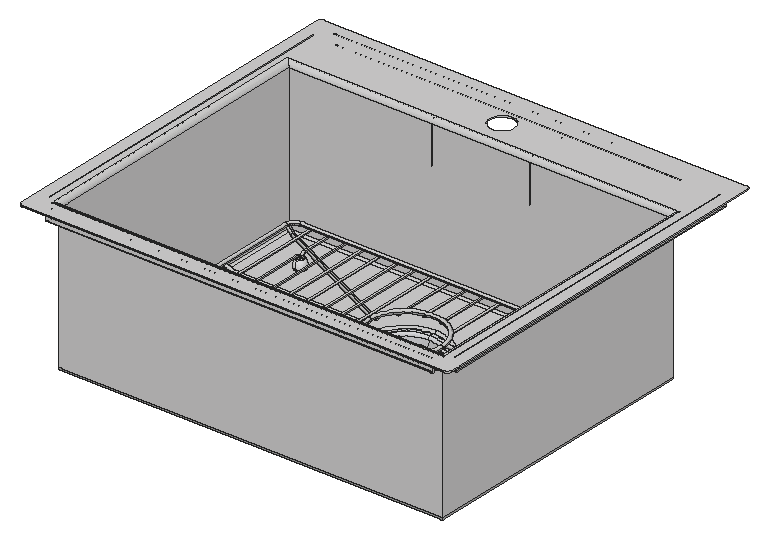
Revit family "Sink-Top_Under_Mount-Kitchen-KOHLER-Vault-K-3822", category Plumbing Fixtures, host Face, Revit 2015
Parameters (values of type "Single Faucet Hole,NA-Stainless Steel")
  Width = 22"  # constant formula
  WaterSense Certified = 1 = 0  # no
  Waste Water Outlet = "Waste Water Outlet"  # constant formula
  Waste Connection = 1 = 1  # yes
  Vent Connection = 1 = 0  # no
  Under_Mount [instance] = yes
  URL = "https://www.us.kohler.com/us/"
  Type = 1
  Three Faucet Hole = Type = 2  # no
  Single Faucet Hole = Type = 1  # yes
  Rim Distance [instance] = if(Under_Mount, 1 1/16", 0")  # 1 1/16"
  Product Page URL = "http://www.us.kohler.com/us/catalog/productDetails.jsp?productNumber=3822-1"
  Product Name = "Vault"  # constant formula
  Product Documentation Link = "https://www.us.kohler.com/webassets/kpna/catalog/pdf/en/K-3822-1_spec.pdf"
  Model = if(Type = 1, "K-3822-1-NA", if(Type = 2, "K-3822-3-NA", if(Type = 3, "K-3822-4-NA", "NA")))  # "K-3822-1-NA"
  Material = "18-Gauge Stainless Steel"  # constant formula
  MasterFormat 2004 = "22.41.16"  # constant formula
  MasterFormat 1995 = "15410"  # constant formula
  Manufacturer Address = "444 Highland Dr, Kohler, WI 53044"  # constant formula
  Manufacturer = "KOHLER Co."  # constant formula
  Length = 25"  # constant formula
  Hot Water Inlet = "Hot Water Inlet"  # constant formula
  Height = 9 5/16"  # constant formula
  HW Connection = 1 = 0  # no
  Fourth Hole Spacing = if(Four Faucet Hole, 9 1/2", 0")  # 0"
  Four Faucet Hole = Type = 3  # no
  Finish = Kohler-Metal-NA-Stainless
  Faucet Hole Spacing = if(or(Four Faucet Hole, Three Faucet Hole), 8", 0")  # 0"
  Environmental Product Declaration = ""
  Drop_In [instance] = not(Under_Mount)  # no
  Drain Included = 1 = 0  # no
  Description = if(Type = 1, "25 inch x 22 inch x 9-5/16 inch top-/under-mount medium single-bowl kitchen sink with single faucet hole", if(Type = 2, "25 inch x 22 inch x 9-5/16 inch top-/under-mount medium single-bowl kitchen sink with 3 faucet holes", if(Type = 3, "25 inch x 22 inch x 9-5/16 inch top-/under-mount medium single-bowl kitchen sink with 4 faucet holes", "NA")))  # "25 inch x 22 inch x 9-5/16 inch top-/under-mount medium single-bowl kitchen sink with single faucet hole"
  Default Elevation = 36"
  Declare Label = ""
  Date Modified = "4/16/2019"  # constant formula
  Date Created = "4/16/2019"  # constant formula
  Copyright = "Copyright KOHLER Co."  # constant formula
  Contact Us = "https://www.us.kohler.com/us/static/contact.jsp"
  Cold Water Inlet = "Cold Water Inlet"  # constant formula
  CW Connection = 1 = 0  # no
  Assembly Code = "D2010400"
  ADA Compliant = 1 = 0  # no
Reference planes
  plane 1 "Center (Front/Back)": y = 0
  plane 2: z = 0
  plane 3 "Center (Left/Right)": x = 0
  plane 4: y = 279.4
  plane 5: x = -317.5
  plane 6: y = 217.487
  plane 7: y = 176.212
  plane 8: y = 38.1
  plane 9: y = -279.4
  plane 10: x = 317.5
  plane 11: x = 0
  plane 12: x = 0
  plane 13: x = 0
  plane 14: z = -25.4
  plane 15: z = -26.988
  plane 16: z = -261.938
  plane 17: z = -329.565
Forms (mm)
  Extrusion 1, void
    sketch origin (0, 0, 0) x (1, 0, 0) y (0, 1, 0)
      loop
        arc (-317.5, -273.05) -> (-315.64, -277.54) -> (-311.15, -279.4) r 6.35
        line (-311.15, -279.4) -> (311.15, -279.4)
        arc (311.15, -279.4) -> (315.64, -277.54) -> (317.5, -273.05) r 6.35
        line (317.5, -273.05) -> (317.5, 273.05)
        arc (317.5, 273.05) -> (315.64, 277.54) -> (311.15, 279.4) r 6.35
        line (311.15, 279.4) -> (-311.15, 279.4)
        arc (-311.15, 279.4) -> (-315.64, 277.54) -> (-317.5, 273.05) r 6.35
        line (-317.5, 273.05) -> (-317.5, -273.05)
    from -329.565 to -25.4
  Extrusion 2, void
    sketch origin (0, 0, 0) x (1, 0, 0) y (0, 1, 0)
      loop
        line (-287.04, 180.677) -> (-287.04, -249.49) -> (287.04, -249.49) -> (287.04, 180.677) -> (-287.04, 180.677)
    from -28.485 to 0
Dimensions and locks
  locked: plane 6 to plane 4 at 61.912
  locked: plane 7 to plane 4 at 103.187
  locked: plane 8 to plane 4 at 241.3
  locked: plane 3 "Center (Left/Right)" to plane 10 at 317.5
  equal spacing: plane 11, plane 3 "Center (Left/Right)", plane 12
  "Faucet Hole Spacing": plane 11 to plane 12
  "Fourth Hole Spacing": plane 3 "Center (Left/Right)" to plane 13
  "Width": plane 4 to plane 9
  "Length": plane 10 to plane 5
  "Rim Distance": level to plane 15
  locked: plane 14 to plane 15 at 1.587
  "Height": plane 14 to plane 16
  locked: plane 16 to plane 17 at 67.627
  aligned and locked: host face to plane 2
  aligned and locked: host face to level
  aligned and locked: plane 14 to nested 1
  aligned and locked: plane 15 to nested 1
  aligned and locked: plane 16 to nested 1
  aligned and locked: plane 17 to nested 1
  aligned and locked: Extrusion 1 to nested 1  (x2)
  aligned and locked: level to Extrusion 2
Automatic sketch dimensions
  host sketch curve to host sketch curve = 96"  (x2)
  Extrusion 1 sketch curve to plane 5 = 0"
  plane 4 to Extrusion 1 sketch curve = 0"
  Extrusion 1 sketch curve to plane 9 = 0"
  Extrusion 1 sketch curve to plane 10 = 0"
  plane 5 to Extrusion 1 sketch curve = 1/4"  (x2)
  plane 10 to Extrusion 1 sketch curve = 1/4"
  plane 4 to Extrusion 1 sketch curve = 1/4"
  plane 5 to Extrusion 2 sketch curve = 1 51/256"
  plane 10 to Extrusion 2 sketch curve = 1 51/256"
  plane 9 to Extrusion 2 sketch curve = 1.17755"
  Extrusion 2 sketch curve to plane 7 = 45/256"
Nested families
  nested 1: "K-3822" at (0, 38.1, -261.938), type "K-3822"
Connectors
  piping at (0, 38.1, -329.565), diameter 38.1, driven by "Waste Connection", driven by "Waste Water Outlet"
    settings: on nested 1, index 1, connector inside diameter 24", connector length 0", flow factor 0, pipe flow 0 GPM, pressure drop 0.00 psi, fitting loss kfactor 0, connector angle 0.00°, fixture units 0, engagement length 0", angle of deflection 0.00°, flow configuration 0, flow direction 2, fitting loss method 0, system type 16, joint type 0, gender type 0, connector reference index -1, connector utility 1, adjustable connector no, is connector primary yes, connector description "Waste Water Outlet"
Definition of nested family "K-3822"
  Parameters (values of type "K-3822")
    Three Faucet Hole = no
    Material = none
    Four Faucet Hole = yes
    Dist2 = if(or(Four Faucet Hole, Three Faucet Hole), 0", 4 1/4")  # 0"
    Dist1 = if(Four Faucet Hole, 0", 4 1/4")  # 0"
  Reference planes
    plane 1 "Center (Front/Back)": y = 0
    plane 2: z = 0
    plane 3 "Center (Left/Right)": x = 0
    plane 4: x = 317.5
    plane 5: y = 241.3
    plane 6: y = -317.5
    plane 7: x = -317.5
    plane 8: y = 138.112
    plane 9: y = 179.387
    plane 10: z = 236.538
    plane 11: y = 179.387
    plane 12: y = 179.387
    plane 13: y = -38.1
    plane 14: z = -67.627
    plane 15: z = 234.95
  Forms (mm)
    Sweep 1, solid, material <- "Material", detail levels medium+fine
      path origin (0, 0, 0) x (1, 0, 0) y (0, 1, 0)
        loop
          line (-282.575, 138.112) -> (-282.575, -283.083) -> (282.575, -283.083) -> (282.575, 138.112) -> (-282.575, 138.112)
      profile origin (0, 138.112, 0) x (0, 1, 0) y (0, 0, 1)
        loop
          line (1.219, 17.424) -> (1.219, 228.935)
          arc (1.219, 228.935) -> (2.981, 233.188) -> (7.234, 234.95) r 6.015
          line (7.234, 234.95) -> (11.435, 234.95) -> (11.435, 236.538) -> (7.391, 236.538)
          arc (7.391, 236.538) -> (2.165, 234.373) -> (0, 229.146) r 7.391
          line (0, 229.146) -> (0, 17.539)
          arc (0, 17.539) -> (-0.905, 15.355) -> (-3.089, 14.45) r 3.089
          line (-3.089, 14.45) -> (-11.672, 14.45) -> (-11.672, 13.232) -> (-2.972, 13.232)
          arc (-2.972, 13.232) -> (-0.008, 14.46) -> (1.219, 17.424) r 4.191
    Extrusion 2, solid, material <- "Material", detail levels medium+fine
      sketch origin (0, 0, 0) x (1, 0, 0) y (0, 1, 0)
        loop
          arc (-311.15, 241.3) -> (-315.64, 239.44) -> (-317.5, 234.95) r 6.35
          line (-317.5, 234.95) -> (-317.5, -311.15)
          arc (-317.5, -311.15) -> (-315.64, -315.64) -> (-311.15, -317.5) r 6.35
          line (-311.15, -317.5) -> (311.15, -317.5)
          arc (311.15, -317.5) -> (315.64, -315.64) -> (317.5, -311.15) r 6.35
          line (317.5, -311.15) -> (317.5, 234.95)
          arc (317.5, 234.95) -> (315.64, 239.44) -> (311.15, 241.3) r 6.35
          line (311.15, 241.3) -> (-311.15, 241.3)
        loop
          line (294.01, 149.547) -> (-294.01, 149.547) -> (-294.01, -294.518) -> (294.01, -294.518) -> (294.01, 149.547)
      from 234.95 to 236.538
    Extrusion 3, solid, material <- "Material", detail levels medium+fine
      sketch origin (0, 0, 0) x (1, 0, 0) y (0, 1, 0)
        loop
          line (-270.903, -271.411) -> (270.903, -271.411) -> (270.903, 126.44) -> (-270.903, 126.44) -> (-270.903, -271.411)
      from 13.232 to 14.45
    Blend 4, solid, material <- "Material", detail levels medium+fine
      base sketch origin (0, 0, 0) x (1, 0, 0) y (0, 1, 0)
        loop
          arc (-44.984, 40.55) -> (-59.869, -9.139) -> (-30.837, -52.124) r 60.563
          arc (-30.837, -52.124) -> (0, -60.563) -> (30.837, -52.124) r 60.563
          arc (30.837, -52.124) -> (59.869, -9.139) -> (44.984, 40.55) r 60.563
          arc (44.984, 40.55) -> (0, 60.563) -> (-44.984, 40.55) r 60.563
      top sketch origin (0, 0, 0) x (1, 0, 0) y (0, 1, 0)
        loop
          line (-270.903, -271.411) -> (270.903, -271.411) -> (270.903, 126.44) -> (-270.903, 126.44) -> (-270.903, -271.411)
      from 6.414 to 13.232
    Revolve 5, void
      sketch origin (0, 0, 0) x (0, 1, 0) y (0, 0, 1)
        loop
          line (0, 14.45) -> (0, -3.112) -> (44.376, -3.112)
          arc (44.376, -3.112) -> (48.249, 9.176) -> (60.003, 14.45) r 15.734
          line (60.003, 14.45) -> (0, 14.45)
        axis (0, 14.45) -> (0, -3.112)
      angle from 0 to 360
    Sweep 6, solid, material <- "Material", detail levels medium+fine
      path origin (0, 0, 0) x (1, 0, 0) y (0, 1, 0)
        loop
          line (-264.815, 113.769) -> (-264.815, -259.86)
          arc (-264.815, -259.86) -> (-261.734, -267.297) -> (-254.298, -270.377) r 10.517
          line (-254.298, -270.377) -> (254.298, -270.377)
          arc (254.298, -270.377) -> (261.734, -267.297) -> (264.815, -259.86) r 10.517
          line (264.815, -259.86) -> (264.815, 113.81)
          arc (264.815, 113.81) -> (261.734, 121.247) -> (254.298, 124.327) r 10.517
          line (254.298, 124.327) -> (-254.257, 124.327)
          arc (-254.257, 124.327) -> (-261.722, 121.235) -> (-264.815, 113.769) r 10.558
      profile origin (-264.815, -73.046, 0) x (1, 0, 0) y (0, 0, 1)
        loop
          circle (-2.633, 37.406) r 2.381
    Sweep 7, solid, material <- "Material", detail levels medium+fine
      path origin (2.158, -222.853, 0) x (1, 0, 0) y (0, 0, 1)
        loop
          line (-56.06, 34.407) -> (-71.663, 29.933) -> (-253.035, 29.933) -> (-268.638, 34.407)
      profile origin (-160.191, -222.853, 29.933) x (0, 0, -1) y (0, -1, 0)
        loop
          circle (0.029, -222.988) r 2.469
    Sweep 8, solid, material <- "Material", detail levels medium+fine
      path origin (-2.158, -222.853, 0) x (-1, 0, 0) y (0, 0, -1)
        loop
          line (-56.06, -34.407) -> (-71.663, -29.933) -> (-253.035, -29.933) -> (-268.638, -34.407)
      profile origin (160.191, -222.853, 29.933) x (0, 0, 1) y (0, -1, 0)
        loop
          circle (-0.029, -222.988) r 2.469
    Sweep 9, solid, material <- "Material", detail levels medium+fine
      path origin (136.621, -173.678, 0) x (0.694658, 0.71934, 0) y (0, 0, 1)
        loop
          line (-22.723, 34.407) -> (-38.326, 29.933) -> (-330.029, 29.933) -> (-345.632, 34.407)
      profile origin (8.681, -306.164, 29.933) x (0, 0, -1) y (0.71934, -0.694658, 0)
        loop
          circle (0.029, -222.988) r 2.469
    Sweep 10, solid, material <- "Material", detail levels medium+fine
      path origin (0, 0, 0) x (1, 0, 0) y (0, 1, 0)
        loop
          circle (0, 0) r 50.8
      profile origin (0, 50.8, 0) x (0, -1, 0) y (0, 0, 1)
        loop
          circle (-2.375, 37.408) r 2.372
    Sweep 11, solid, material <- "Material", detail levels medium+fine
      path origin (-136.621, -173.678, 0) x (-0.694658, 0.71934, 0) y (0, 0, -1)
        loop
          line (-22.723, -34.407) -> (-38.326, -29.933) -> (-330.029, -29.933) -> (-345.632, -34.407)
      profile origin (-8.681, -306.164, 29.933) x (0, 0, 1) y (-0.71934, -0.694658, 0)
        loop
          circle (-0.029, -222.988) r 2.469
    Sweep 12, solid, material <- "Material", detail levels medium+fine
      path origin (-117.376, -203.629, 0) x (0.898794, -0.438371, 0) y (0, 0, 1)
        loop
          line (-35.423, 34.407) -> (-51.026, 29.933) -> (-260.179, 29.933) -> (-275.782, 34.407)
      profile origin (-257.231, -135.417, 29.933) x (0, 0, -1) y (-0.438371, -0.898794, 0)
        loop
          circle (0.029, -222.988) r 2.469
    Extrusion 13, solid, material <- "Material", detail levels medium+fine
      sketch origin (0, 0, 0) x (1, 0, 0) y (0, 0, 1)
        loop
          circle (-241.183, 33.671) r 1.338
        loop
          circle (-190.383, 33.671) r 1.338
        loop
          circle (-164.983, 33.671) r 1.338
        loop
          circle (-139.583, 33.671) r 1.338
        loop
          circle (-114.183, 33.671) r 1.338
        loop
          circle (-88.783, 33.671) r 1.338
        loop
          circle (-63.441, 33.671) r 1.338
        loop
          circle (-12.666, 33.671) r 1.338
        loop
          circle (-38.054, 33.671) r 1.338
        loop
          circle (241.183, 33.671) r 1.338
        loop
          circle (190.383, 33.671) r 1.338
        loop
          circle (164.983, 33.671) r 1.338
        loop
          circle (139.583, 33.671) r 1.338
        loop
          circle (114.183, 33.671) r 1.338
        loop
          circle (88.783, 33.671) r 1.338
        loop
          circle (63.441, 33.671) r 1.338
        loop
          circle (12.666, 33.671) r 1.338
        loop
          circle (38.054, 33.671) r 1.338
      from -127.243 to 273.456
    Sweep 14, solid, material <- "Material", detail levels medium+fine
      path origin (0, 0, 0) x (0, 1, 0) y (0, 0, 1)
        loop
          line (-273.05, 33.723) -> (-243.517, 33.723)
          arc (-243.517, 33.723) -> (-241.687, 32.965) -> (-240.929, 31.135) r 2.588
          line (-240.929, 31.135) -> (-240.929, 20.405)
          arc (-240.929, 20.405) -> (-237.373, 16.849) -> (-233.817, 20.405) r 3.556
          line (-233.817, 20.405) -> (-233.817, 31.143)
          arc (-233.817, 31.143) -> (-233.061, 32.967) -> (-231.237, 33.723) r 2.58
          line (-231.237, 33.723) -> (70.572, 33.723)
          arc (70.572, 33.723) -> (72.396, 32.967) -> (73.152, 31.143) r 2.58
          line (73.152, 31.143) -> (73.152, 20.405)
          arc (73.152, 20.405) -> (76.708, 16.849) -> (80.264, 20.405) r 3.556
          line (80.264, 20.405) -> (80.264, 31.135)
          arc (80.264, 31.135) -> (81.022, 32.965) -> (82.852, 33.723) r 2.588
          line (82.852, 33.723) -> (125.6, 33.723)
      profile origin (0, 104.226, 33.723) x (0, 0, 1) y (1, 0, 0)
        loop
          circle (-0.051, 215.783) r 1.338
    Sweep 15, solid, material <- "Material", detail levels medium+fine
      path origin (0, 0, 0) x (0, 1, 0) y (0, 0, -1)
        loop
          line (-273.05, -33.723) -> (-243.458, -33.723)
          arc (-243.458, -33.723) -> (-241.628, -32.965) -> (-240.87, -31.135) r 2.588
          line (-240.87, -31.135) -> (-240.87, -20.405)
          arc (-240.87, -20.405) -> (-237.314, -16.849) -> (-233.758, -20.405) r 3.556
          line (-233.758, -20.405) -> (-233.758, -31.143)
          arc (-233.758, -31.143) -> (-233.002, -32.967) -> (-231.178, -33.723) r 2.58
          line (-231.178, -33.723) -> (70.572, -33.723)
          arc (70.572, -33.723) -> (72.396, -32.967) -> (73.152, -31.143) r 2.58
          line (73.152, -31.143) -> (73.152, -20.405)
          arc (73.152, -20.405) -> (76.708, -16.849) -> (80.264, -20.405) r 3.556
          line (80.264, -20.405) -> (80.264, -31.135)
          arc (80.264, -31.135) -> (81.022, -32.965) -> (82.852, -33.723) r 2.588
          line (82.852, -33.723) -> (125.6, -33.723)
      profile origin (0, 104.226, 33.723) x (0, 0, -1) y (-1, 0, 0)
        loop
          circle (0.051, 215.783) r 1.338
    Extrusion 16, void
      sketch origin (0, 0, 0) x (1, 0, 0) y (0, 1, 0)
        loop
          circle (0, 0) r 52.303
      from 0 to 304.8
    Revolve 17, solid, detail levels medium+fine
      sketch origin (-215.9, 23.813, 0) x (0, 1, 0) y (0, 0, 1)
        loop
          line (-261.118, 27.515) -> (-261.118, 14.458) -> (-253.703, 14.458)
          arc (-253.703, 14.458) -> (-253.15, 14.666) -> (-252.873, 15.188) r 0.837
          arc (-252.873, 15.188) -> (-253.037, 21.303) -> (-255.049, 27.079) r 19.923
          arc (-255.049, 27.079) -> (-255.351, 27.397) -> (-255.774, 27.515) r 0.822
          line (-255.774, 27.515) -> (-261.118, 27.515)
        axis (-261.118, 27.515) -> (-261.118, 14.458)
      angle from 0 to 360
    Revolve 18, solid, detail levels medium+fine
      sketch origin (215.9, 23.813, 0) x (0, 1, 0) y (0, 0, -1)
        loop
          line (-261.118, -27.515) -> (-255.774, -27.515)
          arc (-255.774, -27.515) -> (-255.351, -27.397) -> (-255.049, -27.079) r 0.822
          arc (-255.049, -27.079) -> (-253.037, -21.303) -> (-252.873, -15.188) r 19.923
          arc (-252.873, -15.188) -> (-253.15, -14.666) -> (-253.703, -14.458) r 0.837
          line (-253.703, -14.458) -> (-261.118, -14.458) -> (-261.118, -27.515)
        axis (-261.118, -27.515) -> (-261.118, -14.458)
      angle from 0 to 360
    Revolve 19, solid, detail levels medium+fine
      sketch origin (-215.9, 337.823, 0) x (0, 1, 0) y (0, 0, 1)
        loop
          line (-261.118, 27.515) -> (-261.118, 14.458) -> (-253.703, 14.458)
          arc (-253.703, 14.458) -> (-253.15, 14.666) -> (-252.873, 15.188) r 0.837
          arc (-252.873, 15.188) -> (-253.037, 21.303) -> (-255.049, 27.079) r 19.923
          arc (-255.049, 27.079) -> (-255.351, 27.397) -> (-255.774, 27.515) r 0.822
          line (-255.774, 27.515) -> (-261.118, 27.515)
        axis (-261.118, 27.515) -> (-261.118, 14.458)
      angle from 0 to 360
    Revolve 20, solid, detail levels medium+fine
      sketch origin (215.9, 337.823, 0) x (0, 1, 0) y (0, 0, -1)
        loop
          line (-261.118, -27.515) -> (-255.774, -27.515)
          arc (-255.774, -27.515) -> (-255.351, -27.397) -> (-255.049, -27.079) r 0.822
          arc (-255.049, -27.079) -> (-253.037, -21.303) -> (-252.873, -15.188) r 19.923
          arc (-252.873, -15.188) -> (-253.15, -14.666) -> (-253.703, -14.458) r 0.837
          line (-253.703, -14.458) -> (-261.118, -14.458) -> (-261.118, -27.515)
        axis (-261.118, -27.515) -> (-261.118, -14.458)
      angle from 0 to 360
    Revolve 21, solid, detail levels medium+fine
      sketch origin (0, 0, 7.094) x (0, 1, 0) y (0, 0, 1)
        loop
          arc (47.525, 6.413) -> (44.767, 5.313) -> (43.524, 2.617) r 4.006
          line (43.524, 2.617) -> (43.029, -6.831)
          arc (43.029, -6.831) -> (42.287, -8.44) -> (40.642, -9.096) r 2.391
          line (40.642, -9.096) -> (3.683, -9.096) -> (3.683, 6.413) -> (6.605, 6.413)
          arc (6.605, 6.413) -> (7.859, 7.465) -> (7.043, 8.883) r 1.274
          arc (7.043, 8.883) -> (3.577, 9.827) -> (0, 10.168) r 21.073
          line (0, 10.168) -> (0, -9.858) -> (40.655, -9.858)
          arc (40.655, -9.858) -> (42.844, -8.985) -> (43.831, -6.844) r 3.181
          line (43.831, -6.844) -> (44.334, 2.756)
          arc (44.334, 2.756) -> (45.276, 4.799) -> (47.366, 5.633) r 3.036
          line (47.366, 5.633) -> (52.844, 5.633)
          arc (52.844, 5.633) -> (53.234, 6.023) -> (52.844, 6.413) r 0.39
          line (52.844, 6.413) -> (47.525, 6.413)
        axis (0, 10.168) -> (0, -9.858)
      angle from 0 to 360
    Revolve 22, solid, material <- "Material", detail levels medium+fine
      sketch origin (0, 0, 0) x (0, 1, 0) y (0, 0, 1)
        loop
          line (27.384, -67.628) -> (30.331, -67.628)
          arc (30.331, -67.628) -> (31.238, -67.384) -> (31.902, -66.72) r 1.814
          line (31.902, -66.72) -> (33.281, -64.332)
          arc (33.281, -64.332) -> (33.619, -63.516) -> (33.734, -62.64) r 3.384
          line (33.734, -62.64) -> (33.734, -38.651)
          arc (33.734, -38.651) -> (34.625, -36.501) -> (36.775, -35.61) r 3.041
          line (36.775, -35.61) -> (58.633, -35.61)
          arc (58.633, -35.61) -> (59.998, -35.045) -> (60.563, -33.68) r 1.93
          line (60.563, -33.68) -> (60.563, 6.413) -> (50.792, 6.413) -> (50.792, -29.647) -> (27.384, -29.647) -> (27.384, -67.628)
        axis (0, 6.413) -> (0, -67.628)
      angle from 0 to 360
    Extrusion 23, void
      sketch origin (0, 0, 0) x (1, 0, 0) y (0, 1, 0)
        loop
          circle (-32.539, 0) r 2.411
        loop
          circle (-31.705, 7.245) r 2.411
        loop
          circle (-29.345, 14.165) r 2.411
        loop
          circle (-25.42, 20.312) r 2.411
        loop
          circle (-20.312, 25.421) r 2.411
        loop
          circle (-14.132, 29.292) r 2.411
        loop
          circle (-7.252, 31.768) r 2.411
        loop
          circle (0, 32.538) r 2.411
        loop
          circle (-24.223, 0) r 2.411
        loop
          circle (-23.06, 7.491) r 2.411
        loop
          circle (-19.589, 14.195) r 2.411
        loop
          circle (-14.241, 19.605) r 2.411
        loop
          circle (-7.506, 22.997) r 2.411
        loop
          circle (0, 24.231) r 2.411
        loop
          circle (-31.705, -7.245) r 2.411
        loop
          circle (-29.345, -14.165) r 2.411
        loop
          circle (-25.42, -20.312) r 2.411
        loop
          circle (-20.312, -25.421) r 2.411
        loop
          circle (-14.132, -29.292) r 2.411
        loop
          circle (-7.252, -31.768) r 2.411
        loop
          circle (-23.06, -7.491) r 2.411
        loop
          circle (-19.589, -14.195) r 2.411
        loop
          circle (-14.241, -19.605) r 2.411
        loop
          circle (-7.506, -22.997) r 2.411
        loop
          circle (32.539, 0) r 2.411
        loop
          circle (31.705, 7.245) r 2.411
        loop
          circle (29.345, 14.165) r 2.411
        loop
          circle (25.42, 20.312) r 2.411
        loop
          circle (20.312, 25.421) r 2.411
        loop
          circle (14.132, 29.292) r 2.411
        loop
          circle (7.252, 31.768) r 2.411
        loop
          circle (24.223, 0) r 2.411
        loop
          circle (23.06, 7.491) r 2.411
        loop
          circle (19.589, 14.195) r 2.411
        loop
          circle (14.241, 19.605) r 2.411
        loop
          circle (7.506, 22.997) r 2.411
        loop
          circle (31.705, -7.245) r 2.411
        loop
          circle (29.345, -14.165) r 2.411
        loop
          circle (25.42, -20.312) r 2.411
        loop
          circle (20.312, -25.421) r 2.411
        loop
          circle (14.132, -29.292) r 2.411
        loop
          circle (7.252, -31.768) r 2.411
        loop
          circle (23.06, -7.491) r 2.411
        loop
          circle (19.589, -14.195) r 2.411
        loop
          circle (14.241, -19.605) r 2.411
        loop
          circle (7.506, -22.997) r 2.411
        loop
          circle (0, -32.538) r 2.411
        loop
          circle (0, -24.231) r 2.411
      from -9.403 to 304.8
    Extrusion 24, void
      sketch origin (0, 0, 0) x (1, 0, 0) y (0, 1, 0)
        loop
          circle (0, 179.387) r 18.256
      from 206.138 to 240.19
    Extrusion 25, void
      sketch origin (0, 0, 0) x (1, 0, 0) y (0, 1, 0)
        loop
          circle (101.6, 179.387) r 18.256
        loop
          circle (-101.6, 179.387) r 18.256
        loop
          circle (241.3, 179.387) r 18.256
      from 206.138 to 240.19
    Extrusion 26, solid, material <- "Material", detail levels medium+fine
      sketch origin (0, 0, 0) x (0, 1, 0) y (0, 0, 1)
        loop
          line (222.414, 234.188) -> (225.513, 234.188)
          arc (225.513, 234.188) -> (225.962, 234.068) -> (226.29, 233.739) r 0.897
          line (226.29, 233.739) -> (228.393, 230.088)
          arc (228.393, 230.088) -> (228.547, 229.714) -> (228.6, 229.313) r 1.552
          line (228.6, 229.313) -> (228.6, 221.131)
          arc (228.6, 221.131) -> (227.933, 220.464) -> (227.266, 221.131) r 0.667
          line (227.266, 221.131) -> (227.266, 225.171) -> (226.484, 225.171) -> (226.484, 221.128)
          arc (226.484, 221.128) -> (227.923, 219.689) -> (229.362, 221.128) r 1.439
          line (229.362, 221.128) -> (229.362, 229.498)
          arc (229.362, 229.498) -> (229.307, 229.917) -> (229.145, 230.308) r 1.624
          line (229.145, 230.308) -> (226.851, 234.292)
          arc (226.851, 234.292) -> (226.37, 234.774) -> (225.712, 234.95) r 1.314
          line (225.712, 234.95) -> (222.191, 234.95)
          arc (222.191, 234.95) -> (221.556, 234.78) -> (221.091, 234.314) r 1.269
          line (221.091, 234.314) -> (218.779, 230.3)
          arc (218.779, 230.3) -> (218.621, 229.918) -> (218.567, 229.507) r 1.588
          line (218.567, 229.507) -> (218.567, 221.154)
          arc (218.567, 221.154) -> (220.012, 219.709) -> (221.456, 221.154) r 1.445
          line (221.456, 221.154) -> (221.456, 225.171) -> (220.662, 225.171) -> (220.662, 221.152)
          arc (220.662, 221.152) -> (219.996, 220.486) -> (219.329, 221.152) r 0.667
          line (219.329, 221.152) -> (219.329, 229.322)
          arc (219.329, 229.322) -> (219.381, 229.714) -> (219.532, 230.08) r 1.518
          line (219.532, 230.08) -> (221.64, 233.741)
          arc (221.64, 233.741) -> (221.967, 234.068) -> (222.414, 234.188) r 0.893
        loop
          arc (-299.63, 234.188) -> (-299.183, 234.068) -> (-298.856, 233.741) r 0.893
          line (-298.856, 233.741) -> (-296.748, 230.08)
          arc (-296.748, 230.08) -> (-296.597, 229.714) -> (-296.545, 229.322) r 1.518
          line (-296.545, 229.322) -> (-296.545, 221.152)
          arc (-296.545, 221.152) -> (-297.212, 220.486) -> (-297.879, 221.152) r 0.667
          line (-297.879, 221.152) -> (-297.879, 225.171) -> (-298.672, 225.171) -> (-298.672, 221.154)
          arc (-298.672, 221.154) -> (-297.228, 219.709) -> (-295.783, 221.154) r 1.445
          line (-295.783, 221.154) -> (-295.783, 229.507)
          arc (-295.783, 229.507) -> (-295.837, 229.918) -> (-295.995, 230.3) r 1.588
          line (-295.995, 230.3) -> (-298.307, 234.314)
          arc (-298.307, 234.314) -> (-298.772, 234.78) -> (-299.407, 234.95) r 1.269
          line (-299.407, 234.95) -> (-302.928, 234.95)
          arc (-302.928, 234.95) -> (-303.586, 234.774) -> (-304.067, 234.292) r 1.314
          line (-304.067, 234.292) -> (-306.361, 230.308)
          arc (-306.361, 230.308) -> (-306.523, 229.917) -> (-306.578, 229.498) r 1.624
          line (-306.578, 229.498) -> (-306.578, 221.128)
          arc (-306.578, 221.128) -> (-305.139, 219.689) -> (-303.7, 221.128) r 1.439
          line (-303.7, 221.128) -> (-303.7, 225.171) -> (-304.483, 225.171) -> (-304.483, 221.131)
          arc (-304.483, 221.131) -> (-305.149, 220.464) -> (-305.816, 221.131) r 0.667
          line (-305.816, 221.131) -> (-305.816, 229.313)
          arc (-305.816, 229.313) -> (-305.763, 229.714) -> (-305.609, 230.088) r 1.552
          line (-305.609, 230.088) -> (-303.506, 233.739)
          arc (-303.506, 233.739) -> (-303.178, 234.068) -> (-302.729, 234.188) r 0.897
          line (-302.729, 234.188) -> (-299.63, 234.188)
      from 285.75 to -285.75
    Extrusion 27, solid, material <- "Material", detail levels medium+fine
      sketch origin (0, 0, 0) x (1, 0, 0) y (0, 0, 1)
        loop
          line (299.122, 234.188) -> (302.221, 234.188)
          arc (302.221, 234.188) -> (302.67, 234.068) -> (302.998, 233.739) r 0.897
          line (302.998, 233.739) -> (305.101, 230.088)
          arc (305.101, 230.088) -> (305.255, 229.714) -> (305.308, 229.313) r 1.552
          line (305.308, 229.313) -> (305.308, 221.131)
          arc (305.308, 221.131) -> (304.641, 220.464) -> (303.974, 221.131) r 0.667
          line (303.974, 221.131) -> (303.974, 225.171) -> (303.192, 225.171) -> (303.192, 221.128)
          arc (303.192, 221.128) -> (304.631, 219.689) -> (306.07, 221.128) r 1.439
          line (306.07, 221.128) -> (306.07, 229.498)
          arc (306.07, 229.498) -> (306.015, 229.917) -> (305.853, 230.308) r 1.624
          line (305.853, 230.308) -> (303.559, 234.292)
          arc (303.559, 234.292) -> (303.078, 234.774) -> (302.42, 234.95) r 1.314
          line (302.42, 234.95) -> (298.899, 234.95)
          arc (298.899, 234.95) -> (298.264, 234.78) -> (297.799, 234.314) r 1.269
          line (297.799, 234.314) -> (295.487, 230.3)
          arc (295.487, 230.3) -> (295.329, 229.918) -> (295.275, 229.507) r 1.588
          line (295.275, 229.507) -> (295.275, 221.154)
          arc (295.275, 221.154) -> (296.72, 219.709) -> (298.164, 221.154) r 1.445
          line (298.164, 221.154) -> (298.164, 225.171) -> (297.37, 225.171) -> (297.37, 221.152)
          arc (297.37, 221.152) -> (296.704, 220.486) -> (296.037, 221.152) r 0.667
          line (296.037, 221.152) -> (296.037, 229.322)
          arc (296.037, 229.322) -> (296.089, 229.714) -> (296.24, 230.08) r 1.518
          line (296.24, 230.08) -> (298.348, 233.741)
          arc (298.348, 233.741) -> (298.675, 234.068) -> (299.122, 234.188) r 0.893
        loop
          arc (-299.122, 234.188) -> (-298.675, 234.068) -> (-298.348, 233.741) r 0.893
          line (-298.348, 233.741) -> (-296.24, 230.08)
          arc (-296.24, 230.08) -> (-296.089, 229.714) -> (-296.037, 229.322) r 1.518
          line (-296.037, 229.322) -> (-296.037, 221.152)
          arc (-296.037, 221.152) -> (-296.704, 220.486) -> (-297.371, 221.152) r 0.667
          line (-297.371, 221.152) -> (-297.371, 225.171) -> (-298.164, 225.171) -> (-298.164, 221.154)
          arc (-298.164, 221.154) -> (-296.72, 219.709) -> (-295.275, 221.154) r 1.445
          line (-295.275, 221.154) -> (-295.275, 229.507)
          arc (-295.275, 229.507) -> (-295.329, 229.918) -> (-295.487, 230.3) r 1.588
          line (-295.487, 230.3) -> (-297.799, 234.314)
          arc (-297.799, 234.314) -> (-298.264, 234.78) -> (-298.899, 234.95) r 1.269
          line (-298.899, 234.95) -> (-302.42, 234.95)
          arc (-302.42, 234.95) -> (-303.078, 234.774) -> (-303.559, 234.292) r 1.314
          line (-303.559, 234.292) -> (-305.853, 230.308)
          arc (-305.853, 230.308) -> (-306.015, 229.917) -> (-306.07, 229.498) r 1.624
          line (-306.07, 229.498) -> (-306.07, 221.128)
          arc (-306.07, 221.128) -> (-304.631, 219.689) -> (-303.192, 221.128) r 1.439
          line (-303.192, 221.128) -> (-303.192, 225.171) -> (-303.975, 225.171) -> (-303.975, 221.131)
          arc (-303.975, 221.131) -> (-304.641, 220.464) -> (-305.308, 221.131) r 0.667
          line (-305.308, 221.131) -> (-305.308, 229.313)
          arc (-305.308, 229.313) -> (-305.255, 229.714) -> (-305.101, 230.088) r 1.552
          line (-305.101, 230.088) -> (-302.998, 233.739)
          arc (-302.998, 233.739) -> (-302.67, 234.068) -> (-302.221, 234.188) r 0.897
          line (-302.221, 234.188) -> (-299.122, 234.188)
      from 286.258 to -209.042
    Extrusion 28, solid, material <- "Material", detail levels medium+fine
      sketch origin (0, 0, 0) x (0, 1, 0) y (0, 0, 1)
        loop
          line (139.332, 172.644) -> (201.638, 234.95) -> (142.864, 234.95) -> (139.332, 231.417) -> (139.332, 172.644)
      from 69.957 to 73.643
    Extrusion 29, solid, material <- "Material", detail levels medium+fine
      sketch origin (0, 0, 0) x (0, 1, 0) y (0, 0, -1)
        loop
          line (139.332, -172.644) -> (139.332, -231.417) -> (142.864, -234.95) -> (201.638, -234.95) -> (139.332, -172.644)
      from 71.174 to 74.431
    Sweep 30, solid, material <- "Material", detail levels medium+fine
      path origin (117.376, -203.629, 0) x (-0.898794, -0.438371, 0) y (0, 0, -1)
        loop
          line (-35.423, -34.407) -> (-51.026, -29.933) -> (-260.179, -29.933) -> (-275.782, -34.407)
      profile origin (257.231, -135.417, 29.933) x (0, 0, 1) y (0.438371, -0.898794, 0)
        loop
          circle (-0.029, -222.988) r 2.469
    Extrusion 31, solid, material <- "Material", detail levels coarse
      sketch origin (0, 0, 0) x (0, 1, 0) y (0, 0, 1)
        loop
          line (139.332, 13.232) -> (139.332, 235.318) -> (-284.302, 235.318) -> (-284.302, 13.232) -> (139.332, 13.232)
      from -283.794 to 283.794
    Extrusion 32, solid, material <- "Material", detail levels coarse
      sketch origin (0, 0, 0) x (1, 0, 0) y (0, 1, 0)
        loop
          circle (0, 0) r 55.572
      from -67.627 to 13.232
    Extrusion 33, solid, material <- "Material", detail levels coarse
      sketch origin (0, 0, 0) x (1, 0, 0) y (0, 1, 0)
        loop
          line (-317.5, 241.3) -> (-317.5, -317.5) -> (317.5, -317.5) -> (317.5, 241.3) -> (-317.5, 241.3)
      from 234.95 to 236.538
    Extrusion 34, void
      sketch origin (0, 0, 0) x (1, 0, 0) y (0, 1, 0)
        loop
          line (-282.575, 138.112) -> (-282.575, -283.125) -> (282.575, -283.125) -> (282.575, 138.112) -> (-282.575, 138.112)
      from 27.515 to 304.8
  Cuts and joins
    Revolve 5 cuts Sweep 1
    Revolve 5, Extrusion 24, Extrusion 25 cuts Extrusion 2
    Revolve 5 cuts Extrusion 3
    Revolve 5 cuts Blend 4
    Revolve 5 cuts Revolve 22
    joined: Sweep 1, Extrusion 2, Extrusion 3, Blend 4, Revolve 22, Extrusion 26, Extrusion 27, Extrusion 28, Extrusion 29
    joined: Sweep 7, Sweep 8, Sweep 10, Sweep 12, Sweep 14, Sweep 15
    joined: Sweep 9, Sweep 11
    Extrusion 23 cuts Revolve 21
    Extrusion 16 cuts Extrusion 13
    joined: Sweep 6, Extrusion 13
    Extrusion 34 cuts Extrusion 31
    Extrusion 24, Extrusion 25, Extrusion 34 cuts Extrusion 33
    joined: Extrusion 31, Extrusion 32, Extrusion 33
    joined: Revolve 17, Revolve 18, Revolve 19, Revolve 20
  Lines and regions (mm)
    Masking region 1
      outline origin (0, 0, 0) x (0, 1, 0) y (0, 0, 1)
        loop
          line (-317.5, 236.538) -> (-317.5, 234.95) -> (-302.928, 234.95)
          arc (-302.928, 234.95) -> (-303.586, 234.774) -> (-304.067, 234.292) r 1.314
          line (-304.067, 234.292) -> (-306.361, 230.308)
          arc (-306.361, 230.308) -> (-306.523, 229.917) -> (-306.578, 229.498) r 1.624
          line (-306.578, 229.498) -> (-306.578, 221.128)
          arc (-306.578, 221.128) -> (-305.139, 219.689) -> (-303.7, 221.128) r 1.439
          line (-303.7, 221.128) -> (-303.7, 225.171) -> (-304.483, 225.171) -> (-304.483, 221.131)
          arc (-304.483, 221.131) -> (-305.149, 220.464) -> (-305.816, 221.131) r 0.667
          line (-305.816, 221.131) -> (-305.816, 229.313)
          arc (-305.816, 229.313) -> (-305.763, 229.714) -> (-305.609, 230.088) r 1.552
          line (-305.609, 230.088) -> (-303.506, 233.739)
          arc (-303.506, 233.739) -> (-303.178, 234.068) -> (-302.729, 234.188) r 0.897
          line (-302.729, 234.188) -> (-299.63, 234.188)
          arc (-299.63, 234.188) -> (-299.183, 234.068) -> (-298.856, 233.741) r 0.893
          line (-298.856, 233.741) -> (-296.748, 230.08)
          arc (-296.748, 230.08) -> (-296.597, 229.714) -> (-296.545, 229.322) r 1.518
          line (-296.545, 229.322) -> (-296.545, 221.152)
          arc (-296.545, 221.152) -> (-297.212, 220.486) -> (-297.879, 221.152) r 0.667
          line (-297.879, 221.152) -> (-297.879, 225.171) -> (-298.672, 225.171) -> (-298.672, 221.154)
          arc (-298.672, 221.154) -> (-297.228, 219.709) -> (-295.783, 221.154) r 1.445
          line (-295.783, 221.154) -> (-295.783, 229.507)
          arc (-295.783, 229.507) -> (-295.837, 229.918) -> (-295.995, 230.3) r 1.588
          line (-295.995, 230.3) -> (-298.307, 234.314)
          arc (-298.307, 234.314) -> (-298.772, 234.78) -> (-299.399, 234.95) r 1.269
          line (-299.399, 234.95) -> (-286.258, 234.95) -> (-286.258, 219.648) -> (-284.302, 219.648) -> (-284.302, 17.309)
          arc (-284.302, 17.309) -> (-283.29, 14.606) -> (-280.752, 13.232) r 4.116
          line (-280.752, 13.232) -> (-67.62, 7.057) -> (-60.563, 0) -> (-60.563, -33.601)
          arc (-60.563, -33.601) -> (-59.975, -35.02) -> (-58.555, -35.608) r 2.007
          line (-58.555, -35.608) -> (-36.882, -35.608)
          arc (-36.882, -35.608) -> (-34.656, -36.53) -> (-33.734, -38.757) r 3.148
          line (-33.734, -38.757) -> (-33.734, -62.503)
          arc (-33.734, -62.503) -> (-33.601, -63.512) -> (-33.212, -64.453) r 3.899
          line (-33.212, -64.453) -> (-31.845, -66.82)
          arc (-31.845, -66.82) -> (-31.254, -67.411) -> (-30.446, -67.627) r 1.615
          line (-30.446, -67.627) -> (30.446, -67.627)
          arc (30.446, -67.627) -> (31.254, -67.411) -> (31.845, -66.82) r 1.615
          line (31.845, -66.82) -> (33.212, -64.453)
          arc (33.212, -64.453) -> (33.601, -63.512) -> (33.734, -62.503) r 3.899
          line (33.734, -62.503) -> (33.734, -38.757)
          arc (33.734, -38.757) -> (34.656, -36.53) -> (36.882, -35.608) r 3.148
          line (36.882, -35.608) -> (58.555, -35.608)
          arc (58.555, -35.608) -> (59.975, -35.02) -> (60.563, -33.601) r 2.007
          line (60.563, -33.601) -> (60.563, 0) -> (67.62, 7.057) -> (135.398, 13.238)
          arc (135.398, 13.238) -> (138.2, 14.63) -> (139.332, 17.547) r 4.326
          line (139.332, 17.547) -> (139.332, 172.644) -> (186.336, 219.648) -> (209.042, 219.648) -> (209.042, 234.95) -> (222.191, 234.95)
          arc (222.191, 234.95) -> (221.556, 234.78) -> (221.091, 234.314) r 1.269
          line (221.091, 234.314) -> (218.779, 230.3)
          arc (218.779, 230.3) -> (218.621, 229.918) -> (218.567, 229.507) r 1.588
          line (218.567, 229.507) -> (218.567, 221.154)
          arc (218.567, 221.154) -> (220.012, 219.709) -> (221.456, 221.154) r 1.445
          line (221.456, 221.154) -> (221.456, 225.171) -> (220.662, 225.171) -> (220.662, 221.152)
          arc (220.662, 221.152) -> (219.996, 220.486) -> (219.329, 221.152) r 0.667
          line (219.329, 221.152) -> (219.329, 229.322)
          arc (219.329, 229.322) -> (219.381, 229.714) -> (219.532, 230.08) r 1.518
          line (219.532, 230.08) -> (221.64, 233.741)
          arc (221.64, 233.741) -> (221.967, 234.068) -> (222.414, 234.188) r 0.893
          line (222.414, 234.188) -> (225.513, 234.188)
          arc (225.513, 234.188) -> (225.962, 234.068) -> (226.29, 233.739) r 0.897
          line (226.29, 233.739) -> (228.393, 230.088)
          arc (228.393, 230.088) -> (228.547, 229.714) -> (228.6, 229.313) r 1.552
          line (228.6, 229.313) -> (228.6, 221.131)
          arc (228.6, 221.131) -> (227.933, 220.464) -> (227.266, 221.131) r 0.667
          line (227.266, 221.131) -> (227.266, 225.171) -> (226.484, 225.171) -> (226.484, 221.128)
          arc (226.484, 221.128) -> (227.923, 219.689) -> (229.362, 221.128) r 1.439
          line (229.362, 221.128) -> (229.362, 229.498)
          arc (229.362, 229.498) -> (229.307, 229.917) -> (229.145, 230.308) r 1.624
          line (229.145, 230.308) -> (226.851, 234.292)
          arc (226.851, 234.292) -> (226.37, 234.774) -> (225.712, 234.95) r 1.314
          line (225.712, 234.95) -> (241.3, 234.95) -> (241.3, 236.537) -> (-317.5, 236.538)
    Masking region 2
      outline origin (0, 0, 0) x (1, 0, 0) y (0, 0, 1)
        loop
          line (-60.563, 0) -> (-60.563, -33.601)
          arc (-60.563, -33.601) -> (-59.975, -35.02) -> (-58.555, -35.608) r 2.007
          line (-58.555, -35.608) -> (-36.882, -35.608)
          arc (-36.882, -35.608) -> (-34.656, -36.53) -> (-33.734, -38.757) r 3.148
          line (-33.734, -38.757) -> (-33.734, -62.503)
          arc (-33.734, -62.503) -> (-33.601, -63.512) -> (-33.212, -64.453) r 3.899
          line (-33.212, -64.453) -> (-31.845, -66.82)
          arc (-31.845, -66.82) -> (-31.254, -67.411) -> (-30.446, -67.628) r 1.615
          line (-30.446, -67.628) -> (30.446, -67.628)
          arc (30.446, -67.628) -> (31.254, -67.411) -> (31.845, -66.82) r 1.615
          line (31.845, -66.82) -> (33.212, -64.453)
          arc (33.212, -64.453) -> (33.601, -63.512) -> (33.734, -62.503) r 3.899
          line (33.734, -62.503) -> (33.734, -38.757)
          arc (33.734, -38.757) -> (34.656, -36.53) -> (36.882, -35.608) r 3.148
          line (36.882, -35.608) -> (58.555, -35.608)
          arc (58.555, -35.608) -> (59.975, -35.02) -> (60.563, -33.601) r 2.007
          line (60.563, -33.601) -> (60.563, 0) -> (67.62, 7.057) -> (279.885, 13.239)
          arc (279.885, 13.239) -> (282.656, 14.458) -> (283.794, 17.263) r 4.027
          line (283.794, 17.263) -> (283.794, 219.709) -> (285.75, 219.709) -> (285.75, 234.95) -> (298.899, 234.95)
          arc (298.899, 234.95) -> (298.264, 234.78) -> (297.799, 234.314) r 1.269
          line (297.799, 234.314) -> (295.487, 230.3)
          arc (295.487, 230.3) -> (295.329, 229.918) -> (295.275, 229.507) r 1.588
          line (295.275, 229.507) -> (295.275, 221.154)
          arc (295.275, 221.154) -> (296.72, 219.709) -> (298.164, 221.154) r 1.445
          line (298.164, 221.154) -> (298.164, 225.171) -> (297.371, 225.171) -> (297.371, 221.152)
          arc (297.371, 221.152) -> (296.704, 220.486) -> (296.037, 221.152) r 0.667
          line (296.037, 221.152) -> (296.037, 229.322)
          arc (296.037, 229.322) -> (296.089, 229.714) -> (296.24, 230.08) r 1.518
          line (296.24, 230.08) -> (298.348, 233.741)
          arc (298.348, 233.741) -> (298.675, 234.068) -> (299.122, 234.188) r 0.893
          line (299.122, 234.188) -> (302.221, 234.188)
          arc (302.221, 234.188) -> (302.67, 234.068) -> (302.998, 233.739) r 0.897
          line (302.998, 233.739) -> (305.101, 230.088)
          arc (305.101, 230.088) -> (305.255, 229.714) -> (305.308, 229.313) r 1.552
          line (305.308, 229.313) -> (305.308, 221.131)
          arc (305.308, 221.131) -> (304.641, 220.464) -> (303.975, 221.131) r 0.667
          line (303.975, 221.131) -> (303.975, 225.171) -> (303.192, 225.171) -> (303.192, 221.128)
          arc (303.192, 221.128) -> (304.631, 219.689) -> (306.07, 221.128) r 1.439
          line (306.07, 221.128) -> (306.07, 229.498)
          arc (306.07, 229.498) -> (306.015, 229.917) -> (305.853, 230.308) r 1.624
          line (305.853, 230.308) -> (303.559, 234.292)
          arc (303.559, 234.292) -> (303.078, 234.774) -> (302.42, 234.95) r 1.314
          line (302.42, 234.95) -> (317.5, 234.95) -> (317.5, 236.538) -> (-317.5, 236.538) -> (-317.5, 234.95) -> (-302.42, 234.95)
          arc (-302.42, 234.95) -> (-303.078, 234.774) -> (-303.559, 234.292) r 1.314
          line (-303.559, 234.292) -> (-305.853, 230.308)
          arc (-305.853, 230.308) -> (-306.015, 229.917) -> (-306.07, 229.498) r 1.624
          line (-306.07, 229.498) -> (-306.07, 221.128)
          arc (-306.07, 221.128) -> (-304.631, 219.689) -> (-303.192, 221.128) r 1.439
          line (-303.192, 221.128) -> (-303.192, 225.171) -> (-303.974, 225.171) -> (-303.974, 221.131)
          arc (-303.974, 221.131) -> (-304.641, 220.464) -> (-305.308, 221.131) r 0.667
          line (-305.308, 221.131) -> (-305.308, 229.313)
          arc (-305.308, 229.313) -> (-305.255, 229.714) -> (-305.101, 230.088) r 1.552
          line (-305.101, 230.088) -> (-302.998, 233.739)
          arc (-302.998, 233.739) -> (-302.67, 234.068) -> (-302.221, 234.188) r 0.897
          line (-302.221, 234.188) -> (-299.122, 234.188)
          arc (-299.122, 234.188) -> (-298.675, 234.068) -> (-298.348, 233.741) r 0.893
          line (-298.348, 233.741) -> (-296.24, 230.08)
          arc (-296.24, 230.08) -> (-296.089, 229.714) -> (-296.037, 229.322) r 1.518
          line (-296.037, 229.322) -> (-296.037, 221.152)
          arc (-296.037, 221.152) -> (-296.704, 220.486) -> (-297.37, 221.152) r 0.667
          line (-297.37, 221.152) -> (-297.37, 225.171) -> (-298.164, 225.171) -> (-298.164, 221.154)
          arc (-298.164, 221.154) -> (-296.72, 219.709) -> (-295.275, 221.154) r 1.445
          line (-295.275, 221.154) -> (-295.275, 229.507)
          arc (-295.275, 229.507) -> (-295.329, 229.918) -> (-295.487, 230.3) r 1.588
          line (-295.487, 230.3) -> (-297.799, 234.314)
          arc (-297.799, 234.314) -> (-298.264, 234.78) -> (-298.899, 234.95) r 1.269
          line (-298.899, 234.95) -> (-285.75, 234.95) -> (-285.75, 219.709) -> (-283.794, 219.709) -> (-283.794, 17.263)
          arc (-283.794, 17.263) -> (-282.656, 14.458) -> (-279.885, 13.239) r 4.027
          line (-279.885, 13.239) -> (-67.62, 7.057) -> (-60.563, 0)
    Masking region 3
      outline origin (0, 0, 0) x (1, 0, 0) y (0, 1, 0)
        loop
          arc (-311.15, 241.3) -> (-315.64, 239.44) -> (-317.5, 234.95) r 6.35
          line (-317.5, 234.95) -> (-317.5, -311.15)
          arc (-317.5, -311.15) -> (-315.64, -315.64) -> (-311.15, -317.5) r 6.35
          line (-311.15, -317.5) -> (311.15, -317.5)
          arc (311.15, -317.5) -> (315.64, -315.64) -> (317.5, -311.15) r 6.35
          line (317.5, -311.15) -> (317.5, 234.95)
          arc (317.5, 234.95) -> (315.64, 239.44) -> (311.15, 241.3) r 6.35
          line (311.15, 241.3) -> (-311.15, 241.3)
    symbolic lines, detail levels medium+fine
      curve 1: line (0, 225.712, 234.95) -> (0, 222.191, 234.95)
      curve 2: line (0, 209.042, 234.95) -> (0, -286.268, 234.95)
      curve 3: line (0, -299.407, 234.95) -> (0, -302.928, 234.95)
      curve 4: line (0, -286.258, 230.668) -> (0, 209.042, 230.668)
      curve 5: line (0, 209.042, 229.876) -> (0, -286.258, 229.876)
      curve 6: line (0, -286.258, 221.522) -> (0, 209.042, 221.522)
      curve 7: line (0, 186.336, 219.648) -> (0, -284.302, 219.648)
      curve 8: line (0, 139.332, 172.644) -> (0, 139.332, 219.648)
      curve 9: line (0, 67.62, 7.057) -> (0, -67.62, 7.057)
      curve 10: line (0, 60.563, 0) -> (0, -60.563, 0)
      curve 11: line (0, 36.882, -35.608) -> (0, -36.882, -35.608)
      curve 12: line (0, 33.734, -62.503) -> (0, -33.734, -62.503)
      curve 13: line (0, 135.14, 13.232) -> (0, -280.752, 13.232)
      curve 14: line (-302.42, 0, 234.95) -> (-298.899, 0, 234.95)
      curve 15: line (-285.75, 0, 230.668) -> (285.75, 0, 230.668)
      curve 16: line (-285.75, 0, 229.876) -> (285.75, 0, 229.876)
      curve 17: line (-285.75, 0, 221.522) -> (285.75, 0, 221.522)
      curve 18: line (-283.794, 0, 219.709) -> (283.794, 0, 219.709)
      curve 19: line (-285.75, 0, 234.95) -> (285.75, 0, 234.95)
      curve 20: line (298.899, 0, 234.95) -> (302.42, 0, 234.95)
      curve 21: line (-279.603, 0, 13.232) -> (279.603, 0, 13.232)
      curve 22: line (-67.62, 0, 7.057) -> (67.62, 0, 7.057)
      curve 23: line (-60.563, 0, 0) -> (60.563, 0, 0)
      curve 24: line (-33.734, 0, -62.503) -> (33.734, 0, -62.503)
      curve 25: line (-36.882, 0, -35.608) -> (36.882, 0, -35.608)
      curve 26: line (-282.575, 138.112, 0) -> (282.575, 138.112, 0)
      curve 27: line (282.575, 138.112, 0) -> (282.575, -283.125, 0)
      curve 28: line (282.575, -283.125, 0) -> (-282.575, -283.125, 0)
      curve 29: line (-282.575, 138.112, 0) -> (-282.575, -283.125, 0)
      curve 30: circle (0, 179.387, 0) r 18.256 normal (0, 0, 1)
      curve 36: circle (0, 0, 0) r 50.792 normal (0, 0, 1)
      curve 37: circle (0, 0, 0) r 55.572 normal (0, 0, 1)
      curve 38: circle (0, 0, 0) r 8.03 normal (0, 0, 1)
      curve 39: circle (0, 0, 0) r 41.32 normal (0, 0, 1)
      curve 40: line (-254.306, 129.341, 0) -> (254.35, 129.341, 0)
      curve 41: line (-269.828, 113.818, 0) -> (-269.828, -259.908, 0)
      curve 42: line (-254.35, -275.386, 0) -> (254.358, -275.386, 0)
      curve 43: line (269.828, 113.863, 0) -> (269.828, -259.916, 0)
      curve 44: arc (-254.306, 129.341, 0) -> (-265.282, 124.794, 0) -> (-269.828, 113.818, 0) r 15.522
      curve 45: arc (-269.828, -259.908, 0) -> (-265.295, -270.853, 0) -> (-254.35, -275.386, 0) r 15.478
      curve 46: arc (254.358, -275.386, 0) -> (265.297, -270.855, 0) -> (269.828, -259.916, 0) r 15.47
      curve 47: arc (254.35, 129.341, 0) -> (265.295, 124.807, 0) -> (269.828, 113.863, 0) r 15.478
      curve 48: line (254.35, 124.281, 0) -> (-254.306, 124.281, 0)
      curve 49: arc (-254.306, 124.281, 0) -> (-261.704, 121.216, 0) -> (-264.768, 113.818, 0) r 10.462
      curve 50: line (-264.768, 113.818, 0) -> (-264.768, -259.908, 0)
      curve 51: arc (-264.768, -259.908, 0) -> (-261.717, -267.275, 0) -> (-254.35, -270.326, 0) r 10.418
      curve 52: line (-254.35, -270.326, 0) -> (254.358, -270.326, 0)
      curve 53: arc (254.358, -270.326, 0) -> (261.719, -267.277, 0) -> (264.768, -259.916, 0) r 10.41
      curve 54: line (264.768, -259.916, 0) -> (264.768, 113.863, 0)
      curve 55: arc (264.768, 113.863, 0) -> (261.717, 121.229, 0) -> (254.35, 124.281, 0) r 10.418
      curve 56: line (-239.845, -270.326, 0) -> (-239.845, 124.281, 0)
      curve 57: line (-242.521, -270.326, 0) -> (-242.521, 124.281, 0)
      curve 58: line (-214.445, -270.326, 0) -> (-214.445, -240.921, 0)
      curve 59: line (-217.121, -270.326, 0) -> (-217.121, -240.921, 0)
      curve 60: line (-189.045, -270.326, 0) -> (-189.045, 124.281, 0)
      curve 61: line (-191.721, -270.326, 0) -> (-191.721, 124.281, 0)
      curve 62: line (-163.645, -270.326, 0) -> (-163.645, 124.281, 0)
      curve 63: line (-166.321, -270.326, 0) -> (-166.321, 124.281, 0)
      curve 64: line (-138.245, -270.326, 0) -> (-138.245, 124.281, 0)
      curve 65: line (-140.921, -270.326, 0) -> (-140.921, 124.281, 0)
      curve 66: line (-112.845, -270.326, 0) -> (-112.845, 124.281, 0)
      curve 67: line (-115.521, -270.326, 0) -> (-115.521, 124.281, 0)
      curve 68: line (-87.445, -270.326, 0) -> (-87.445, 124.281, 0)
      curve 69: line (-90.121, -270.326, 0) -> (-90.121, 124.281, 0)
      curve 70: line (-62.103, -270.326, 0) -> (-62.103, 124.281, 0)
      curve 71: line (-64.779, -270.326, 0) -> (-64.779, 124.281, 0)
      curve 72: line (-36.717, -270.326, 0) -> (-36.717, -41.715, 0)
      curve 73: line (-39.392, -270.326, 0) -> (-39.392, -39.198, 0)
      curve 74: line (-11.328, -270.326, 0) -> (-11.328, -54.405, 0)
      curve 75: line (-14.003, -270.326, 0) -> (-14.003, -53.779, 0)
      curve 76: line (-39.392, 39.198, 0) -> (-39.392, 124.281, 0)
      curve 77: line (-36.717, 41.715, 0) -> (-36.717, 124.281, 0)
      curve 78: line (-14.003, 53.779, 0) -> (-14.003, 124.281, 0)
      curve 79: line (-11.328, 54.405, 0) -> (-11.328, 124.281, 0)
      curve 80: line (239.845, -270.326, 0) -> (239.845, 124.281, 0)
      curve 81: line (242.521, -270.326, 0) -> (242.521, 124.281, 0)
      curve 82: line (189.045, -270.326, 0) -> (189.045, 124.281, 0)
      curve 83: line (191.721, -270.326, 0) -> (191.721, 124.281, 0)
      curve 84: line (163.645, -270.326, 0) -> (163.645, 124.281, 0)
      curve 85: line (166.321, -270.326, 0) -> (166.321, 124.281, 0)
      curve 86: line (138.245, -270.326, 0) -> (138.245, 124.281, 0)
      curve 87: line (140.921, -270.326, 0) -> (140.921, 124.281, 0)
      curve 88: line (112.845, -270.326, 0) -> (112.845, 124.281, 0)
      curve 89: line (115.521, -270.326, 0) -> (115.521, 124.281, 0)
      curve 90: line (87.445, -270.326, 0) -> (87.445, 124.281, 0)
      curve 91: line (90.121, -270.326, 0) -> (90.121, 124.281, 0)
      curve 92: line (62.103, -270.326, 0) -> (62.103, 124.281, 0)
      curve 93: line (64.779, -270.326, 0) -> (64.779, 124.281, 0)
      curve 94: line (36.717, -270.326, 0) -> (36.717, -41.715, 0)
      curve 95: line (39.392, -270.326, 0) -> (39.392, -39.198, 0)
      curve 96: line (11.328, -270.326, 0) -> (11.328, -54.405, 0)
      curve 97: line (14.003, -270.326, 0) -> (14.003, -53.779, 0)
      curve 98: line (39.392, 39.198, 0) -> (39.392, 124.281, 0)
      curve 99: line (36.717, 41.715, 0) -> (36.717, 124.281, 0)
      curve 100: line (14.003, 53.779, 0) -> (14.003, 124.281, 0)
      curve 101: line (11.328, 54.405, 0) -> (11.328, 124.281, 0)
      curve 102: arc (-214.445, 68.271, 0) -> (-207.463, 76.625, 0) -> (-214.445, 84.978, 0) r 8.488
      curve 103: arc (-214.445, -245.657, 0) -> (-207.463, -237.303, 0) -> (-214.445, -228.95, 0) r 8.488
      curve 104: arc (214.445, 68.271, 0) -> (207.463, 76.625, 0) -> (214.445, 84.978, 0) r 8.488
      curve 105: arc (214.445, -245.657, 0) -> (207.463, -237.303, 0) -> (214.445, -228.95, 0) r 8.488
      curve 106: arc (-214.445, -233.706, 0) -> (-215.783, -235.044, 0) -> (-217.121, -233.706, 0) r 1.338
      curve 107: arc (-214.445, -240.921, 0) -> (-215.783, -239.583, 0) -> (-217.121, -240.921, 0) r 1.338
      curve 108: arc (-214.445, 73.101, 0) -> (-215.783, 74.438, 0) -> (-217.121, 73.101, 0) r 1.338
      curve 109: arc (-214.445, 80.315, 0) -> (-215.783, 78.978, 0) -> (-217.121, 80.315, 0) r 1.338
      curve 110: line (-217.121, 80.315, 0) -> (-217.121, 124.281, 0)
      curve 111: line (-214.445, 80.315, 0) -> (-214.445, 124.281, 0)
      curve 112: line (-217.121, -233.706, 0) -> (-217.121, 73.101, 0)
      curve 113: line (-214.445, -233.706, 0) -> (-214.445, 73.101, 0)
      curve 114: line (214.445, -270.326, 0) -> (214.445, -240.921, 0)
      curve 115: line (217.121, -270.326, 0) -> (217.121, -240.921, 0)
      curve 116: arc (214.445, -233.706, 0) -> (215.783, -235.044, 0) -> (217.121, -233.706, 0) r 1.338
      curve 117: arc (214.445, -240.921, 0) -> (215.783, -239.583, 0) -> (217.121, -240.921, 0) r 1.338
      curve 118: arc (214.445, 73.101, 0) -> (215.783, 74.438, 0) -> (217.121, 73.101, 0) r 1.338
      curve 119: arc (214.445, 80.315, 0) -> (215.783, 78.978, 0) -> (217.121, 80.315, 0) r 1.338
      curve 120: line (217.121, 80.315, 0) -> (217.121, 124.281, 0)
      curve 121: line (214.445, 80.315, 0) -> (214.445, 124.281, 0)
      curve 122: line (217.121, -233.706, 0) -> (217.121, 73.101, 0)
      curve 123: line (214.445, -233.706, 0) -> (214.445, 73.101, 0)
      curve 124: arc (-217.121, 85.031, 0) -> (-224.438, 76.625, 0) -> (-217.121, 68.218, 0) r 8.488
      curve 125: arc (-217.121, -228.897, 0) -> (-224.438, -237.303, 0) -> (-217.121, -245.71, 0) r 8.488
      curve 126: arc (217.121, -228.897, 0) -> (224.438, -237.303, 0) -> (217.121, -245.71, 0) r 8.488
      curve 127: arc (217.121, 85.031, 0) -> (224.438, 76.625, 0) -> (217.121, 68.218, 0) r 8.488
      curve 128: line (-54.442, 11.15, 0) -> (-62.103, 14.88, 0)
      curve 129: line (-263.648, 118.529, 0) -> (-242.521, 108.224, 0)
      curve 130: line (-55.511, 2.604, 0) -> (-62.103, 2.604, 0)
      curve 131: line (-263.959, -263.932, 0) -> (-242.521, -241.732, 0)
      curve 132: line (-39.736, -38.85, 0) -> (-62.103, -62.012, 0)
      curve 133: line (-55.511, -2.604, 0) -> (-62.103, -2.604, 0)
      curve 134: line (-242.521, 102.711, 0) -> (-264.764, 113.54, 0)
      curve 135: line (-239.845, 106.919, 0) -> (-217.121, 95.836, 0)
      curve 136: line (-214.445, 94.531, 0) -> (-191.721, 83.447, 0)
      curve 137: line (-217.121, 90.346, 0) -> (-239.845, 101.408, 0)
      curve 138: line (-189.045, 82.143, 0) -> (-166.321, 71.059, 0)
      curve 139: line (-191.721, 77.98, 0) -> (-214.445, 89.043, 0)
      curve 140: line (-163.645, 69.754, 0) -> (-140.921, 58.671, 0)
      curve 141: line (-166.321, 65.615, 0) -> (-189.045, 76.678, 0)
      curve 142: line (-138.245, 57.366, 0) -> (-115.521, 46.282, 0)
      curve 143: line (-140.921, 53.25, 0) -> (-163.645, 64.313, 0)
      curve 144: line (-112.845, 44.977, 0) -> (-90.121, 33.894, 0)
      curve 145: line (-115.521, 40.884, 0) -> (-138.245, 51.947, 0)
      curve 146: line (-87.445, 32.589, 0) -> (-64.779, 21.534, 0)
      curve 147: line (-90.121, 28.519, 0) -> (-112.845, 39.582, 0)
      curve 148: line (-62.103, 20.229, 0) -> (-53.246, 15.909, 0)
      curve 149: line (-64.779, 16.182, 0) -> (-87.445, 27.217, 0)
      curve 150: line (-64.779, 2.604, 0) -> (-89.238, 2.604, 0)
      curve 151: line (-64.779, -2.604, 0) -> (-88.236, -2.604, 0)
      curve 152: line (-90.121, -2.604, 0) -> (-114.238, -2.604, 0)
      curve 153: line (-90.121, 2.604, 0) -> (-113.922, 2.604, 0)
      curve 154: line (-115.521, -2.604, 0) -> (-138.245, -2.604, 0)
      curve 155: line (-115.521, 2.604, 0) -> (-138.245, 2.604, 0)
      curve 156: line (-140.921, -2.604, 0) -> (-163.645, -2.604, 0)
      curve 157: line (-140.921, 2.604, 0) -> (-163.645, 2.604, 0)
      curve 158: line (-166.321, -2.604, 0) -> (-189.045, -2.604, 0)
      curve 159: line (-166.321, 2.604, 0) -> (-189.045, 2.604, 0)
      curve 160: line (-191.721, -2.604, 0) -> (-214.445, -2.604, 0)
      curve 161: line (-191.721, 2.604, 0) -> (-214.445, 2.604, 0)
      curve 162: line (-217.121, -2.604, 0) -> (-239.845, -2.604, 0)
      curve 163: line (-217.121, 2.604, 0) -> (-239.845, 2.604, 0)
      curve 164: line (-242.521, -2.604, 0) -> (-264.768, -2.604, 0)
      curve 165: line (-242.521, 2.604, 0) -> (-264.768, 2.604, 0)
      curve 166: line (-239.845, -238.961, 0) -> (-217.121, -215.429, 0)
      curve 167: line (-242.521, -248.84, 0) -> (-260.974, -267.949, 0)
      curve 168: line (-217.121, -222.537, 0) -> (-239.845, -246.069, 0)
      curve 169: line (-214.445, -212.659, 0) -> (-191.721, -189.127, 0)
      curve 170: line (-191.721, -196.235, 0) -> (-214.445, -219.767, 0)
      curve 171: line (-189.045, -186.356, 0) -> (-166.321, -162.825, 0)
      curve 172: line (-166.321, -169.932, 0) -> (-189.045, -193.464, 0)
      curve 173: line (-163.645, -160.054, 0) -> (-140.921, -136.522, 0)
      curve 174: line (-140.921, -143.63, 0) -> (-163.645, -167.162, 0)
      curve 175: line (-138.245, -133.752, 0) -> (-115.521, -110.22, 0)
      curve 176: line (-115.521, -117.327, 0) -> (-138.245, -140.859, 0)
      curve 177: line (-112.845, -107.449, 0) -> (-90.121, -83.917, 0)
      curve 178: line (-90.121, -91.025, 0) -> (-112.845, -114.557, 0)
      curve 179: line (-87.445, -81.147, 0) -> (-64.779, -57.675, 0)
      curve 180: line (-64.779, -64.782, 0) -> (-87.445, -88.254, 0)
      curve 181: line (-62.103, -54.904, 0) -> (-43.036, -35.159, 0)
      curve 182: line (54.442, 11.15, 0) -> (62.103, 14.88, 0)
      curve 183: line (55.511, 2.604, 0) -> (62.103, 2.604, 0)
      curve 184: line (39.736, -38.85, 0) -> (62.103, -62.012, 0)
      curve 185: line (55.511, -2.604, 0) -> (62.103, -2.604, 0)
      curve 186: line (163.645, 69.754, 0) -> (140.921, 58.671, 0)
      curve 187: line (166.321, 65.615, 0) -> (189.045, 76.678, 0)
      curve 188: line (138.245, 57.366, 0) -> (115.521, 46.282, 0)
